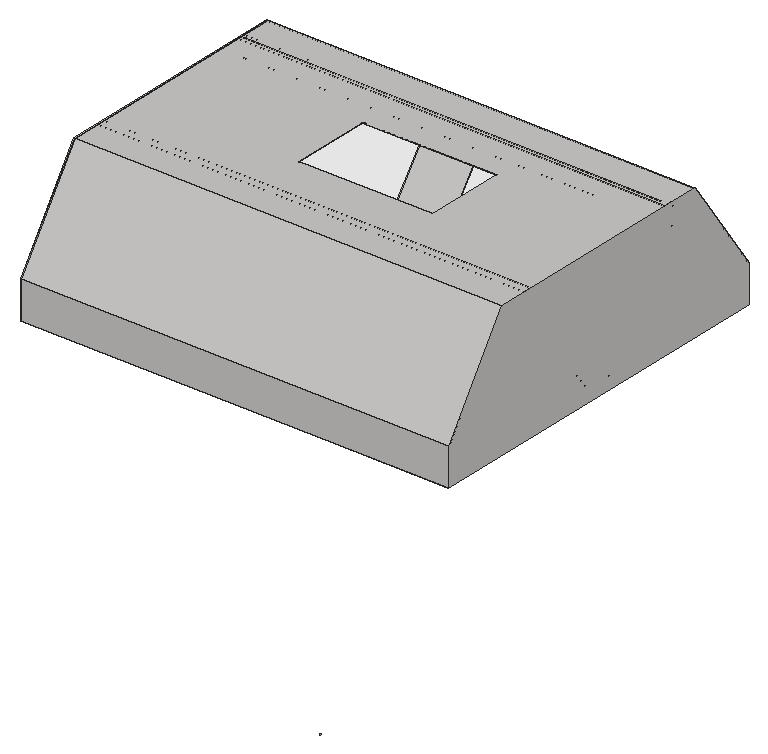
Revit family "QF_ELECTROLUXPROFESSIONAL_642346_BC1416DT", category Specialty Equipment, Revit 2014
Reference planes
  plane 1: z = 0
  plane 2 "Center (Left/Right)": x = 150
  plane 3 "LEFT": x = -650
  plane 4 "RIGHT": x = 950
  plane 5 "BACK": y = 550
  plane 6 "TOP": z = 2500
  plane 7 "Base": z = 2000
  plane 8: z = 1946
  plane 9: x = -647
  plane 10 "DrainX": x = 799
  plane 11 "AOLeft2": x = 450
  plane 12: x = 947
  plane 13: x = -450
  plane 14: x = 750
  plane 15: x = 50
  plane 16: x = 250
  plane 17 "AOLeft1": x = -50
  plane 18: y = 0
  plane 19: y = -300
  plane 20 "Center (Front/Back)": y = -150
  plane 21: y = -850
  plane 22: through (0, -201.379, 2046.209) normal (0, 0.8019, 0.5974)
  plane 23: through (0, -98.621, 2046.209) normal (0, 0.8019, -0.5974)
  plane 24: z = 2140
Forms (mm)
  Extrusion 1, solid, material "QF_Finishes_Stainless Steel"
    sketch origin (-650, 0, 360) x (0, 1, 0) y (0, 0, 1)
      loop
        line (550, 1640) -> (550, 1780) -> (299.446, 2140) -> (-599.446, 2140) -> (-850, 1780) -> (-850, 1640) -> (550, 1640)
    from 0 to 3
  Extrusion 2, solid, material "QF_Finishes_Stainless Steel"
    sketch origin (950, 0, 360) x (0, 1, 0) y (0, 0, 1)
      loop
        line (550, 1640) -> (550, 1780) -> (299.446, 2140) -> (-599.446, 2140) -> (-850, 1780) -> (-850, 1640) -> (550, 1640)
    from 0 to -3
  Extrusion 3, solid, material "QF_Finishes_Stainless Steel"
    sketch origin (150, 0, 360) x (0, 1, 0) y (0, 0, 1)
      loop
        line (-599.446, 2140) -> (-850, 1780) -> (-850, 1640) -> (-840, 1640) -> (-840, 1640.8) -> (-849.2, 1640.8) -> (-849.2, 1779.739) -> (-599.025, 2139.19) -> (299.025, 2139.19) -> (549.2, 1779.739) -> (549.2, 1640.8) -> (540, 1640.8) -> (540, 1640) -> (550, 1640) -> (550, 1780) -> (299.446, 2140) -> (-599.446, 2140)
    from -800 to 800
  Extrusion 4, void
    sketch origin (0, 0, 2500) x (0, 1, 0) y (-1, 0, 0)
      loop
        line (0, -450) -> (0, 50) -> (-300, 50) -> (-300, -450) -> (0, -450)
    from 0 to -10
  Extrusion 5, solid, material "QF_Finishes_Stainless Steel"
    sketch origin (0, 0, 0) x (1, 0, 0) y (0, 1, 0)
      loop
        line (-650, 550) -> (-650, 549) -> (-649, 549) -> (-649, 550) -> (-650, 550)
    from 0 to 1
  Extrusion 6, solid, material "QF_Finishes_Stainless Steel"
    sketch origin (150, -400, 360) x (0, 1, 0) y (0, 0, 1)
      loop
        line (-98.883, 2085.553) -> (198.621, 1686.209) -> (214.66, 1698.157) -> (-82.844, 2097.501) -> (-98.883, 2085.553)
      loop
        line (598.883, 2085.553) -> (582.844, 2097.501) -> (285.34, 1698.157) -> (301.379, 1686.209) -> (598.883, 2085.553)
    from -600 to -797
  Extrusion 7, solid, material "QF_Finishes_Stainless Steel"
    sketch origin (150, -400, 360) x (0, 1, 0) y (0, 0, 1)
      loop
        arc (316.056, 1704.554) -> (315.455, 1704.706) -> (314.923, 1704.389) r 0.81
        line (314.923, 1704.389) -> (300.465, 1684.991) -> (283.389, 1687.002) -> (286.391, 1712.615) -> (285.593, 1712.708) -> (282.594, 1687.095)
        arc (282.594, 1687.095) -> (282.763, 1686.499) -> (283.305, 1686.197) r 0.81
        line (283.305, 1686.197) -> (300.372, 1684.196)
        arc (300.372, 1684.196) -> (300.787, 1684.257) -> (301.116, 1684.517) r 0.81
        line (301.116, 1684.517) -> (315.564, 1703.911) -> (326.308, 1695.919) -> (300.145, 1660.79) -> (199.855, 1660.79) -> (173.692, 1695.919) -> (184.436, 1703.911) -> (198.884, 1684.517)
        arc (198.884, 1684.517) -> (199.213, 1684.257) -> (199.628, 1684.196) r 0.81
        line (199.628, 1684.196) -> (216.695, 1686.197)
        arc (216.695, 1686.197) -> (217.237, 1686.499) -> (217.406, 1687.095) r 0.81
        line (217.406, 1687.095) -> (214.407, 1712.708) -> (213.609, 1712.615) -> (216.611, 1687.002) -> (199.535, 1684.991) -> (185.077, 1704.389)
        arc (185.077, 1704.389) -> (184.545, 1704.706) -> (183.944, 1704.554) r 0.81
        line (183.944, 1704.554) -> (173.214, 1696.561)
        arc (173.214, 1696.561) -> (172.897, 1696.028) -> (173.049, 1695.427) r 0.81
        line (173.049, 1695.427) -> (199.157, 1660.381)
        arc (199.157, 1660.381) -> (199.5, 1660.093) -> (199.937, 1659.99) r 0.972
        line (199.937, 1659.99) -> (300.049, 1659.99)
        arc (300.049, 1659.99) -> (300.498, 1660.096) -> (300.851, 1660.393) r 1
        line (300.851, 1660.393) -> (326.951, 1695.427)
        arc (326.951, 1695.427) -> (327.103, 1696.028) -> (326.786, 1696.561) r 0.81
        line (326.786, 1696.561) -> (316.056, 1704.554)
      loop
        line (-92.735, 2139.19) -> (-92.735, 2129.205) -> (-117.587, 2110.686)
        arc (-117.587, 2110.686) -> (-117.904, 2110.153) -> (-117.752, 2109.552) r 0.81
        line (-117.752, 2109.552) -> (-84.894, 2065.446) -> (-95.625, 2057.438) -> (-95.147, 2056.796) -> (-84.418, 2064.79)
        arc (-84.418, 2064.79) -> (-84.1, 2065.322) -> (-84.252, 2065.923) r 0.81
        line (-84.252, 2065.923) -> (-117.117, 2110.038) -> (-91.935, 2128.798) -> (-91.935, 2138.4) -> (-62.776, 2138.4) -> (-62.776, 2070.563) -> (-61.976, 2069.49) -> (-61.976, 2139.19) -> (-92.735, 2139.19)
      loop
        line (592.735, 2139.19) -> (561.976, 2139.19) -> (561.976, 2069.49) -> (562.776, 2070.563) -> (562.776, 2138.4) -> (591.935, 2138.4) -> (591.935, 2128.798) -> (617.117, 2110.038) -> (584.252, 2065.923)
        arc (584.252, 2065.923) -> (584.1, 2065.322) -> (584.418, 2064.79) r 0.81
        line (584.418, 2064.79) -> (595.147, 2056.796) -> (595.625, 2057.438) -> (584.894, 2065.446) -> (617.752, 2109.552)
        arc (617.752, 2109.552) -> (617.904, 2110.153) -> (617.587, 2110.686) r 0.81
        line (617.587, 2110.686) -> (592.735, 2129.205) -> (592.735, 2139.19)
    from -797 to 797
  Extrusion 8, solid, material "QF_Finishes_Stainless Steel"
    sketch origin (150, -400, 360) x (0, 1, 0) y (0, 0, 1)
      loop
        line (-98.883, 2085.553) -> (198.621, 1686.209) -> (214.66, 1698.157) -> (-82.844, 2097.501) -> (-98.883, 2085.553)
      loop
        line (598.883, 2085.553) -> (582.844, 2097.501) -> (285.34, 1698.157) -> (301.379, 1686.209) -> (598.883, 2085.553)
    from 797 to 600
  Extrusion 9, solid, material "QF_Finishes_Stainless Steel"
    sketch origin (150, -400, 360) x (0, 1, 0) y (0, 0, 1)
      loop
        line (-98.883, 2085.553) -> (198.621, 1686.209) -> (214.66, 1698.157) -> (-82.844, 2097.501) -> (-98.883, 2085.553)
      loop
        line (598.883, 2085.553) -> (582.844, 2097.501) -> (285.34, 1698.157) -> (301.379, 1686.209) -> (598.883, 2085.553)
    from -100 to 100
  Extrusion 10, solid, material "QF_Finished_Chrome"
    sketch origin (150, -400, 360) x (0, 1, 0) y (0, 0, 1)
      loop
        line (-98.883, 2085.553) -> (198.621, 1686.209) -> (214.66, 1698.157) -> (-82.844, 2097.501) -> (-98.883, 2085.553)
      loop
        line (598.883, 2085.553) -> (582.844, 2097.501) -> (285.34, 1698.157) -> (301.379, 1686.209) -> (598.883, 2085.553)
    from -600 to -100
  Extrusion 11, solid, material "QF_Finished_Chrome"
    sketch origin (150, -400, 360) x (0, 1, 0) y (0, 0, 1)
      loop
        line (-98.883, 2085.553) -> (198.621, 1686.209) -> (214.66, 1698.157) -> (-82.844, 2097.501) -> (-98.883, 2085.553)
      loop
        line (598.883, 2085.553) -> (582.844, 2097.501) -> (285.34, 1698.157) -> (301.379, 1686.209) -> (598.883, 2085.553)
    from 100 to 600
  Sweep 12, solid, material "QF_Finishes_Stainless Steel"
    path origin (0, 0, 0) x (1, 0, 0) y (0, 1, 0)
      loop
        line (950, 550) -> (-650, 550) -> (-650, -850) -> (950, -850) -> (950, 550)
    profile origin (950, -150, 0) x (1, 0, 0) y (0, 0, 1)
      loop
        line (-3, 2000) -> (-3, 2000.8) -> (-19, 2000.8) -> (-19, 2010) -> (-20, 2010) -> (-20, 2000) -> (-3, 2000)
  Extrusion 13, solid, material "QF_Finishes_Stainless Steel"
    sketch origin (799, 0, 0) x (0, 1, 0) y (0, 0, 1)
      loop
        arc (-118.5, 1946) -> (-111.429, 1948.929) -> (-108.5, 1956) r 10
        line (-108.5, 1956) -> (-108.5, 2000.8) -> (-191.5, 2000.8) -> (-191.5, 1956)
        arc (-191.5, 1956) -> (-188.571, 1948.929) -> (-181.5, 1946) r 10
        line (-181.5, 1946) -> (-118.5, 1946)
    from -90 to 90
  Extrusion 14, solid, material "QF_Finishes_Stainless Steel"
    sketch origin (0, -1100, 2000) x (0, 1, 0) y (-1, 0, 0)
      loop
        circle (950, -799) r 6.35
    from -3.799 to 0
Cuts and joins
  Extrusion 4 cuts Extrusion 3
  joined: Extrusion 2, Extrusion 3, Sweep 12
Lines and regions (mm)
  symbolic lines, style "SpecialityEquipment", detail levels coarse
    curve 1: line (950, 550, 2500) -> (-650, 550, 2500)
    curve 2: line (-650, 550, 2500) -> (-650, -850, 2500)
    curve 3: line (950, -850, 2500) -> (950, 550, 2500)
    curve 4: line (-650, 299.025, 0) -> (949.504, -599.025, 0)
    curve 5: line (949.568, 299.025, 0) -> (-650, -599.025, 0)
  symbolic lines, detail levels coarse
    curve 6: line (-50, -300, 0) -> (450, -300, 0)
    curve 7: line (-50, 0, 0) -> (-50, -300, 0)
    curve 8: line (450, 0, 0) -> (-50, 0, 0)
    curve 9: line (450, -300, 0) -> (450, 0, 0)
    curve 10: line (-650, 299.025, 0) -> (949.568, 299.025, 0)
    curve 11: line (949.504, -599.025, 0) -> (-650, -599.025, 0)
    curve 12: line (747, -849.2, 0) -> (-450, -849.2, 0)
Dimensions and locks
  plane 3 "LEFT" to plane 4 "RIGHT" = 1600 mm
  equal spacing: plane 3 "LEFT", plane 2 "Center (Left/Right)", plane 4 "RIGHT"
  plane 3 "LEFT" to plane 9 = 3 mm
  plane 10 "DrainX" to plane 4 "RIGHT" = 151 mm
  plane 12 to plane 4 "RIGHT" = 3 mm
  plane 3 "LEFT" to plane 13 = 200 mm
  plane 14 to plane 4 "RIGHT" = 200 mm
  locked: plane 7 "Base" to level at 2000
  locked: plane 15 to plane 16 at 200
  equal spacing: plane 15, plane 2 "Center (Left/Right)", plane 16
  plane 7 "Base" to plane 8 = 54 mm
  locked: plane 6 "TOP" to plane 7 "Base" at 500
  plane 5 "BACK" to plane 21 = 1400 mm  (x2)
  equal spacing: plane 5 "BACK", plane 20 "Center (Front/Back)", plane 21
  plane 19 to plane 18 = 300 mm
  equal spacing: plane 19, plane 20 "Center (Front/Back)", plane 18
  plane 24 to plane 7 "Base" = 140 mm
  locked: plane 17 "AOLeft1" to plane 11 "AOLeft2" at 500
  aligned and locked: level to plane 1
  aligned and locked: plane 4 "RIGHT" to Extrusion 3
  aligned and locked: Extrusion 3 to plane 3 "LEFT"
  aligned and locked: Extrusion 6 to plane 9
  aligned and locked: plane 13 to Extrusion 6
  aligned and locked: Extrusion 2 to plane 12
  aligned and locked: plane 12 to Extrusion 8
  aligned and locked: Extrusion 8 to plane 14
  aligned and locked: plane 16 to Extrusion 9
  aligned and locked: Extrusion 9 to plane 15
  aligned and locked: plane 15 to Extrusion 10
  aligned and locked: Extrusion 10 to plane 13
  aligned and locked: Extrusion 11 to plane 16
  aligned and locked: Extrusion 11 to plane 14
  aligned and locked: Extrusion 7 to plane 9
  aligned and locked: plane 12 to Extrusion 7
  aligned and locked: Extrusion 4 to plane 17 "AOLeft1"
  aligned and locked: Extrusion 4 to plane 11 "AOLeft2"
  aligned and locked: plane 19 to Extrusion 4
  aligned and locked: plane 18 to Extrusion 4
Automatic sketch dimensions
  Extrusion 4 sketch curve to plane 11 "AOLeft2" = 0 mm
  Extrusion 4 sketch curve to plane 17 "AOLeft1" = 0 mm
  Extrusion 5 sketch curve to plane 3 "LEFT" = 0 mm
  Extrusion 5 sketch curve to plane 5 "BACK" = 0 mm
  plane 3 "LEFT" to Extrusion 5 sketch curve = 1 mm
  Extrusion 5 sketch curve to Extrusion 5 sketch curve = 1 mm
  Sweep 12 sketch curve to plane 3 "LEFT" = 0 mm
  Sweep 12 sketch curve to plane 4 "RIGHT" = 0 mm
  Sweep 12 sketch curve to plane 5 "BACK" = 0 mm
  profile plane to Sweep 12 sketch curve = 20 mm
  Sweep 12 sketch curve to Sweep 12 sketch curve = 1 mm
  profile plane to Sweep 12 sketch curve = 3 mm
  level to Sweep 12 sketch curve = 2000 mm
  Sweep 12 sketch curve to Sweep 12 sketch curve = 0.8 mm
  Sweep 12 sketch curve to Sweep 12 sketch curve = 9.2 mm
  plane 19 to Sweep 12 sketch curve = 550 mm
  plane 19 to Extrusion 4 sketch curve = 0 mm
  Extrusion 4 sketch curve to plane 18 = 0 mm
  Extrusion 14 sketch curve to plane 10 "DrainX" = 0 mm
  Extrusion 14 sketch curve to plane 20 "Center (Front/Back)" = 0 mm
  Extrusion 13 sketch curve to plane 8 = 0 mm
  plane 8 to Extrusion 13 sketch curve = 10 mm
  Extrusion 13 sketch curve to plane 20 "Center (Front/Back)" = 41.5 mm
  plane 20 "Center (Front/Back)" to Extrusion 13 sketch curve = 31.5 mm
  plane 7 "Base" to Extrusion 13 sketch curve = 0.8 mm
  plane 20 "Center (Front/Back)" to Extrusion 13 sketch curve = 41.5 mm
  plane 19 to Extrusion 6 sketch curve = 198.883 mm
  Extrusion 6 sketch curve to plane 6 "TOP" = 42.499 mm  (x2)
  Extrusion 6 sketch curve to Extrusion 6 sketch curve = 16.039 mm  (x2)
  Extrusion 6 sketch curve to plane 20 "Center (Front/Back)" = 51.379 mm
  plane 20 "Center (Front/Back)" to Extrusion 6 sketch curve = 35.34 mm
  plane 18 to Extrusion 6 sketch curve = 182.844 mm
  Extrusion 6 sketch curve to Extrusion 6 sketch curve = 11.948 mm  (x2)
  Extrusion 7 sketch curve to plane 6 "TOP" = 30.448 mm  (x2)
  plane 19 to Extrusion 7 sketch curve = 217.752 mm
  Extrusion 7 sketch curve to plane 6 "TOP" = 29.314 mm  (x2)
  Extrusion 7 sketch curve to Extrusion 7 sketch curve = 0.166 mm  (x3)
  Extrusion 7 sketch curve to plane 6 "TOP" = 29.962 mm  (x2)
  Extrusion 7 sketch curve to Extrusion 7 sketch curve = 0.47 mm  (x2)
  Extrusion 7 sketch curve to Extrusion 7 sketch curve = 0.014 mm  (x2)
  Extrusion 7 sketch curve to plane 6 "TOP" = 82.562 mm  (x2)
  Extrusion 7 sketch curve to Extrusion 7 sketch curve = 22.127 mm
  Extrusion 7 sketch curve to plane 6 "TOP" = 83.204 mm  (x2)
  Extrusion 7 sketch curve to Extrusion 7 sketch curve = 0.478 mm  (x5)
  Extrusion 7 sketch curve to plane 6 "TOP" = 0.81 mm  (x2)
  Extrusion 7 sketch curve to Extrusion 7 sketch curve = 24.852 mm
  Extrusion 7 sketch curve to Extrusion 7 sketch curve = 0.8 mm  (x5)
  Extrusion 7 sketch curve to Extrusion 7 sketch curve = 10.724 mm
  Extrusion 7 sketch curve to plane 6 "TOP" = 74.554 mm  (x2)
  Extrusion 7 sketch curve to Extrusion 7 sketch curve = 0.008 mm  (x6)
  Extrusion 7 sketch curve to plane 6 "TOP" = 75.21 mm  (x2)
  Extrusion 7 sketch curve to plane 6 "TOP" = 74.077 mm  (x2)
  Extrusion 7 sketch curve to Extrusion 7 sketch curve = 0.642 mm  (x2)
  Extrusion 7 sketch curve to plane 6 "TOP" = 69.437 mm  (x2)
  Extrusion 7 sketch curve to Extrusion 7 sketch curve = 21.476 mm  (x2)
  Extrusion 7 sketch curve to plane 19 = 73.049 mm
  Extrusion 7 sketch curve to Extrusion 7 sketch curve = 0.006 mm  (x4)
  Extrusion 7 sketch curve to Extrusion 7 sketch curve = 10.73 mm  (x3)
  Extrusion 7 sketch curve to Extrusion 7 sketch curve = 0.484 mm  (x4)
  Extrusion 7 sketch curve to Extrusion 7 sketch curve = 0.641 mm  (x2)
  Extrusion 7 sketch curve to Extrusion 7 sketch curve = 14.448 mm
  plane 7 "Base" to Extrusion 7 sketch curve = 20.381 mm
  Extrusion 7 sketch curve to Extrusion 7 sketch curve = 0.273 mm
  Extrusion 7 sketch curve to Extrusion 7 sketch curve = 0.65 mm  (x2)
  Extrusion 7 sketch curve to Extrusion 7 sketch curve = 0.001 mm  (x4)
  Extrusion 7 sketch curve to Extrusion 7 sketch curve = 0.093 mm  (x2)
  plane 7 "Base" to Extrusion 7 sketch curve = 20.79 mm
  Extrusion 7 sketch curve to Extrusion 7 sketch curve = 0.698 mm
  Extrusion 7 sketch curve to Extrusion 7 sketch curve = 0.081 mm
  Extrusion 7 sketch curve to Extrusion 7 sketch curve = 28.531 mm
  Extrusion 7 sketch curve to Extrusion 7 sketch curve = 0.799 mm  (x2)
  Extrusion 7 sketch curve to Extrusion 7 sketch curve = 17.067 mm  (x2)
  Extrusion 7 sketch curve to Extrusion 7 sketch curve = 0.01 mm  (x4)
  Extrusion 7 sketch curve to Extrusion 7 sketch curve = 0.094 mm
  Extrusion 7 sketch curve to Extrusion 7 sketch curve = 0.795 mm  (x2)
  plane 20 "Center (Front/Back)" to Extrusion 7 sketch curve = 32.594 mm
  Extrusion 7 sketch curve to Extrusion 7 sketch curve = 0.71 mm
  Extrusion 7 sketch curve to Extrusion 7 sketch curve = 2.998 mm
  Extrusion 7 sketch curve to Extrusion 7 sketch curve = 16.745 mm
  Extrusion 7 sketch curve to Extrusion 7 sketch curve = 0.095 mm
  plane 7 "Base" to Extrusion 7 sketch curve = 20.393 mm
  Extrusion 7 sketch curve to Extrusion 7 sketch curve = 0.707 mm
  Extrusion 7 sketch curve to Extrusion 7 sketch curve = 0.651 mm
  Extrusion 7 sketch curve to Extrusion 7 sketch curve = 14.456 mm
  Extrusion 7 sketch curve to plane 6 "TOP" = 70.51 mm  (x2)
  plane 18 to Extrusion 7 sketch curve = 161.976 mm
  Extrusion 7 sketch curve to plane 6 "TOP" = 1.6 mm
  Extrusion 7 sketch curve to Extrusion 7 sketch curve = 29.159 mm
  Extrusion 7 sketch curve to Extrusion 7 sketch curve = 24.368 mm
  Extrusion 7 sketch curve to Extrusion 7 sketch curve = 0.636 mm
  Extrusion 7 sketch curve to Extrusion 7 sketch curve = 23.206 mm
  Extrusion 7 sketch curve to Extrusion 7 sketch curve = 23.234 mm
  Extrusion 7 sketch curve to Extrusion 7 sketch curve = 0.321 mm  (x2)
  Extrusion 7 sketch curve to Extrusion 7 sketch curve = 2.001 mm  (x2)
  Extrusion 7 sketch curve to Extrusion 7 sketch curve = 0.804 mm  (x2)
  Extrusion 7 sketch curve to Extrusion 7 sketch curve = 10.911 mm  (x2)
  Extrusion 7 sketch curve to Extrusion 7 sketch curve = 7.993 mm  (x2)
  Extrusion 7 sketch curve to Extrusion 7 sketch curve = 25.613 mm  (x2)
  Extrusion 7 sketch curve to Extrusion 7 sketch curve = 0.407 mm  (x2)
  Extrusion 7 sketch curve to Extrusion 7 sketch curve = 0.79 mm
  Extrusion 3 sketch curve to plane 7 "Base" = 0 mm  (x2)
  Extrusion 3 sketch curve to plane 21 = 0 mm
  Extrusion 3 sketch curve to plane 5 "BACK" = 0 mm
  plane 21 to Extrusion 3 sketch curve = 0.8 mm
  plane 7 "Base" to Extrusion 3 sketch curve = 0.8 mm  (x2)
  Extrusion 3 sketch curve to Extrusion 3 sketch curve = 9.2 mm
  plane 21 to Extrusion 3 sketch curve = 250.554 mm
  Extrusion 3 sketch curve to Extrusion 3 sketch curve = 0.421 mm  (x2)
  Extrusion 3 sketch curve to plane 6 "TOP" = 0.81 mm
  Extrusion 3 sketch curve to plane 5 "BACK" = 250.975 mm
  Extrusion 3 sketch curve to plane 5 "BACK" = 10 mm
  Extrusion 3 sketch curve to plane 5 "BACK" = 0.8 mm
  Extrusion 3 sketch curve to Extrusion 3 sketch curve = 138.939 mm  (x2)
  Extrusion 3 sketch curve to Extrusion 3 sketch curve = 0.261 mm  (x2)
  Extrusion 3 sketch curve to plane 6 "TOP" = 0 mm
  Extrusion 1 sketch curve to plane 7 "Base" = 0 mm
  Extrusion 1 sketch curve to plane 21 = 0 mm
  Extrusion 1 sketch curve to plane 6 "TOP" = 0 mm
  Extrusion 1 sketch curve to plane 5 "BACK" = 0 mm
  Extrusion 1 sketch curve to plane 5 "BACK" = 250.554 mm
  plane 7 "Base" to Extrusion 1 sketch curve = 140 mm
  Extrusion 1 sketch curve to Extrusion 1 sketch curve = 140 mm
  plane 21 to Extrusion 1 sketch curve = 250.554 mm
  plane 19 to Extrusion 10 sketch curve = 198.883 mm
  Extrusion 10 sketch curve to plane 6 "TOP" = 42.499 mm  (x2)
  Extrusion 10 sketch curve to Extrusion 10 sketch curve = 16.039 mm  (x2)
  Extrusion 10 sketch curve to plane 20 "Center (Front/Back)" = 51.379 mm
  plane 20 "Center (Front/Back)" to Extrusion 10 sketch curve = 35.34 mm
  plane 18 to Extrusion 10 sketch curve = 182.844 mm
  Extrusion 10 sketch curve to Extrusion 10 sketch curve = 11.948 mm  (x2)
  plane 19 to Extrusion 9 sketch curve = 198.883 mm
  Extrusion 9 sketch curve to plane 6 "TOP" = 42.499 mm  (x2)
  Extrusion 9 sketch curve to Extrusion 9 sketch curve = 16.039 mm  (x2)
  Extrusion 9 sketch curve to plane 20 "Center (Front/Back)" = 51.379 mm
  plane 20 "Center (Front/Back)" to Extrusion 9 sketch curve = 35.34 mm
  plane 18 to Extrusion 9 sketch curve = 182.844 mm
  Extrusion 9 sketch curve to Extrusion 9 sketch curve = 11.948 mm  (x2)
  plane 19 to Extrusion 11 sketch curve = 198.883 mm
  Extrusion 11 sketch curve to plane 6 "TOP" = 42.499 mm  (x2)
  Extrusion 11 sketch curve to Extrusion 11 sketch curve = 16.039 mm  (x2)
  Extrusion 11 sketch curve to plane 20 "Center (Front/Back)" = 51.379 mm
  plane 20 "Center (Front/Back)" to Extrusion 11 sketch curve = 35.34 mm
  plane 18 to Extrusion 11 sketch curve = 182.844 mm
  Extrusion 11 sketch curve to Extrusion 11 sketch curve = 11.948 mm  (x2)
  plane 19 to Extrusion 8 sketch curve = 198.883 mm
  Extrusion 8 sketch curve to plane 6 "TOP" = 42.499 mm  (x2)
  Extrusion 8 sketch curve to Extrusion 8 sketch curve = 16.039 mm  (x2)
  Extrusion 8 sketch curve to plane 20 "Center (Front/Back)" = 51.379 mm
  plane 20 "Center (Front/Back)" to Extrusion 8 sketch curve = 35.34 mm
  plane 18 to Extrusion 8 sketch curve = 182.844 mm
  Extrusion 8 sketch curve to Extrusion 8 sketch curve = 11.948 mm  (x2)
  curve 4 to plane 3 "LEFT" = 0 mm
  curve 11 to plane 3 "LEFT" = 0 mm
  curve 8 to plane 17 "AOLeft1" = 0 mm
  curve 9 to plane 11 "AOLeft2" = 0 mm
  plane 19 to curve 9 = 0 mm
  curve 8 to plane 18 = 0 mm
  curve 11 to plane 4 "RIGHT" = 0.496 mm
  curve 10 to plane 4 "RIGHT" = 0.432 mm
  plane 21 to curve 11 = 250.975 mm
  curve 10 to plane 5 "BACK" = 250.975 mm
  Extrusion 2 sketch curve to plane 7 "Base" = 0 mm
  Extrusion 2 sketch curve to plane 21 = 0 mm
  Extrusion 2 sketch curve to plane 5 "BACK" = 0 mm
  Extrusion 2 sketch curve to plane 24 = 0 mm  (x2)
  Extrusion 2 sketch curve to plane 5 "BACK" = 250.554 mm
  plane 21 to Extrusion 2 sketch curve = 250.554 mm
  Extrusion 2 sketch curve to plane 6 "TOP" = 0 mm
  curve 2 to plane 3 "LEFT" = 0 mm
  curve 2 to plane 21 = 0 mm
  curve 3 to plane 4 "RIGHT" = 0 mm
  curve 3 to plane 21 = 0 mm
  curve 2 to plane 5 "BACK" = 0 mm
  radius of Extrusion 14 sketch curve = 6.35 mm
Connectors
  hvac at (200, -150, 2500)
    settings: on Extrusion 4, index 2, duct flow 0.0 L/s, flow factor 0, pres drop 0.0 Pa, loss coef 0, conn angle 0.00°, conn width 300 mm, conn height 0 mm, conn diameter 609.6 mm, duct sys type 3, conn prof type 1, flow config 1, flow direction 2, loss method 0, conn ref index -1, conn util no, is conn primary yes, conn desc "EXHAUST OUTLET"
  piping at (799, -150, 1996.201), diameter 12.7
    settings: on Extrusion 14, index 4, connector inside diameter 609.6 mm, connector length 0 mm, flow factor 0, pipe flow 0.0 L/s, pressure drop 0.0 Pa, fitting loss kfactor 0, connector angle 0.00°, fixture units 0, engagement length 0 mm, angle of deflection 0.00°, flow configuration 1, flow direction 2, fitting loss method 0, system type 16, joint type 0, gender type 0, connector reference index -1, connector utility 0, adjustable connector no, is connector primary yes, connector description "Drain"
